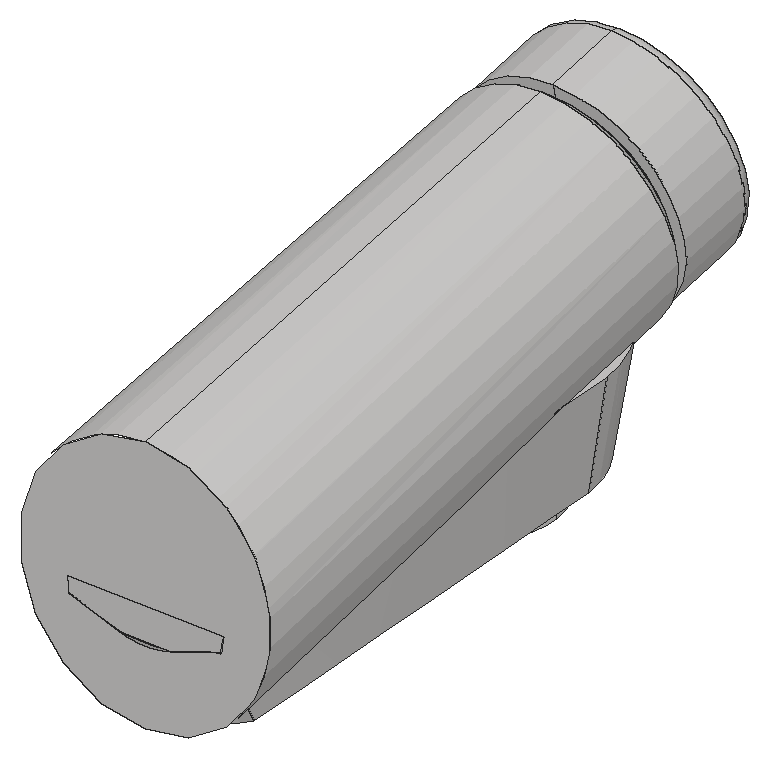
Revit family
Parameters (values of type "Type 1")
  WaterSupplyTemperatureMaximum = "55°C-85° (∆50°C : CW/HW)"
  WarrantyDurationUnit = "10 years"
  WarrantyDescription = "Any manufacturing defect"
  Version = "v1"
  SerialNumber = "3456330020329"
  ProductInformation = "http://www.delabie.com/products/741000"
  Operation = "Soft-touch time flow tap"
  NominalLength = 80 mm
  Name = "TEMPOSOFT"
  ModelNumber = "741000"
  Material = Solid brass
  ManufacturerURL = "http://www.delabie.com"
  ManufacturerName = "DELABIE"
  IntegralAccessoryOptions = "Thermostatic mixing valve "
  Grade = "ACS - Ü ACCOUSTIQUE - PZH"
  FlowRate lps = "0.05 lps at 3 bar"
  FlowRate lpm = "3 lpm at 3 bar"
  Finish = Chrome-plated
  Features  = "Wall-mounted time flow basin tap:\r\nSoft-touch operation.\r\nTime flow ~7 sec.\r\nFlow rate pre-set at 3 lpm at 3 bar, can be adjusted from 1.5 to 6 lpm.\r\nScale-resistant aerator.\r\nSolid chrome-plated brass body M½\".\r\nSupplied with red and blue markers."
  Description = "French manufacturer Delabie is a leader in the European sanitary ware market for non-domestic places. Water controls, solutions for disabled people, sanitary ware, for schools, leisure centres, offices, hospitals, airports…"
  Type Comments = "Wall-mounted time flow tap"
  Model = "TEMPOSOFT"
  Manufacturer = "DELABIE"
  URL = "http://www.delabie.com"
  Radius = 10.3 mm
  Category = "Basin tap"
  Assembly Code = ""
Reference planes
  plane 1 "Wall": y = 0
  plane 2 "Center (Left/Right)": x = 125
  plane 3 "Back": y = 75
  plane 4: y = 75
Text (mm)
  text "Placement Side" at (-1848.837, 1116.779, 0), in view "Ref. Level"
  text "Placement side" at (0, 1409.804, 2854.306), in view "Left"
  text "Placement side" at (0, 499.811, 2980.732), in view "Right"
Dimensions and locks
  locked: plane 3 "Back" to host wall
  locked: plane 4 to plane 3 "Back" at 0
  aligned and locked: plane 1 "Wall" to host wall
  aligned and locked: nested 1 to plane 4
Nested families
  nested 1: "741000b" at (124.999, 95.792, 1000), type "741000"
Connectors
  piping at (124.999, 75, 1049.838), driven by "Radius"
    settings: on nested 1, index 2, connector radius 10.3 mm, flow factor 0, pipe flow 0.05 L/s, pressure drop 0.0 Pa, fitting loss kfactor 0, connector angle 0.00°, fixture units 0, flow configuration 0, flow direction 1, fitting loss method 0, system type 19, connector reference index -1, connector utility 0, adjustable connector no, is connector primary yes, fitting loss table "", connector description "In - Cold water or mixed water"
Definition of nested family "741000b"
  Parameters (values of type "741000")
    Assembly Code = ""
    Description = ""
    Keynote = "\r\nDébit préréglé à 3 l/min à 3 bar, ajustable de 1,5 à 6 l/min.\r\nAérateur antitartre.\r\nCorps en laiton massif chromé M1/2\".\r\nLivré avec un repère bleu et rouge."
    URL = ""
    Type Comments = ""
    Technologie = ""
    Radius = 0 mm
    Raccordement = ""
    Profondeur = ""
    Model = ""
    Matériau 4 = none
    Matériau 3 = none
    Matériau 2 = none
    Matériau 1 = Laiton massif chromé
    Manufacturer = ""
    Lien notice d'installation = ""
    Lien fiche produit = ""
    Lien certification = ""
    Lien CCTP = ""
    Largeur = ""
    Hauteur = ""
    Finition = ""
    Famille de produits = ""
    Débit = ""
    Butée de température = ""
    Alimentation = ""
  Reference planes
    plane 1 "Center (Front/Back)": y = 0
    plane 2: z = 0
    plane 3 "Center (Left/Right)": x = 0
  Forms (mm)
    Revolve 1, solid, material "Laiton massif chromé" <- "Matériau 1"
      sketch origin (0, 20.826, 53.423) x (0, 0.999999, -0.0011) y (0, 0.0011, 0.999999)
        loop
          line (12.291, -6.116) -> (17.141, 16.699) -> (-90.838, 37.688) -> (-92.678, 36.493) -> (-92.99, 35.026) -> (-94.181, 35.279) -> (-93.664, 37.708) -> (-107.165, 40.578)
          arc (-107.165, 40.578) -> (-108.859, 40.242) -> (-109.952, 38.903) r 2.553
          arc (-109.952, 38.903) -> (-112.768, 30.004) -> (-114.991, 20.939) r 141.617
          line (-114.991, 20.939) -> (12.291, -6.116)
        axis (12.291, -6.116) -> (-114.991, 20.939)
      angle from 0 to 360
    SweptBlend 2, solid, material "Laiton massif chromé" <- "Matériau 1"
      path origin (0, 45.969, 265.169) x (0, 0.112298, 0.993675) y (0, -0.993675, 0.112298)
        loop
          line (-220.176, 60.285) -> (-252.463, 60.285)
      profile origin (0, -38.66, 53.156) x (0, 0.993675, -0.112298) y (1, 0, 0)
        loop
          line (-21.559, -17.709) -> (61.396, -14.219)
          arc (61.396, -14.219) -> (61.891, 0.001) -> (61.373, 14.221) r 199.96
          line (61.373, 14.221) -> (-21.559, 20.02)
          arc (-21.559, 20.02) -> (-40.423, 1.155) -> (-21.559, -17.709) r 18.865
      end profile origin (0, -42.286, 21.073) x (0, 0.993675, -0.112298) y (1, 0, 0)
        loop
          line (-18.785, -13.061) -> (46.664, -11.907)
          arc (46.664, -11.907) -> (55.349, -0.516) -> (46.664, 10.876) r 11.813
          line (46.664, 10.876) -> (-19.024, 14.018)
          arc (-19.024, 14.018) -> (-32.564, 0.358) -> (-18.785, -13.061) r 13.541
    Extrusion 3, void
      sketch origin (0, 45.969, 265.169) x (0, 0.112298, 0.993675) y (0, -0.993675, 0.112298)
        loop
          line (-240.825, 99.944) -> (-259.955, 102.666) -> (-274.572, 68.229) -> (-263.203, -3.554) -> (-239.887, -5.356) -> (-240.825, 99.944)
      from -22.303 to 30
    Extrusion 4, solid, material "Laiton massif chromé" <- "Matériau 1"
      sketch origin (0, 45.969, 265.169) x (1, 0, 0) y (0, -0.993675, 0.112298)
        loop
          circle (0.172, 77.591) r 11.936
      from 234.128 to 245.176
    Extrusion 5, void
      sketch origin (0, 45.969, 265.169) x (0, 0.112298, 0.993675) y (0, -0.993675, 0.112298)
        loop
          line (-227.968, 101.961) -> (-242.733, 100.697) -> (-241.038, 89.997)
          arc (-241.038, 89.997) -> (-239.601, 91.87) -> (-237.349, 92.579) r 3.925
          arc (-237.349, 92.579) -> (-230.715, 95.327) -> (-227.968, 101.961) r 9.382
      from -29.7 to 25
    Extrusion 6, void
      sketch origin (0, 20.792, 73.51) x (0, 1, 0) y (0, 0, 1)
        loop
          line (23.355, 20.706) -> (0, 20.706) -> (0, -52.762) -> (23.355, -52.762) -> (23.355, 20.706)
      from -29.367 to 30
  Cuts and joins
    Extrusion 3, Extrusion 5, Extrusion 6 cuts SweptBlend 2
    Extrusion 6 cuts Revolve 1
